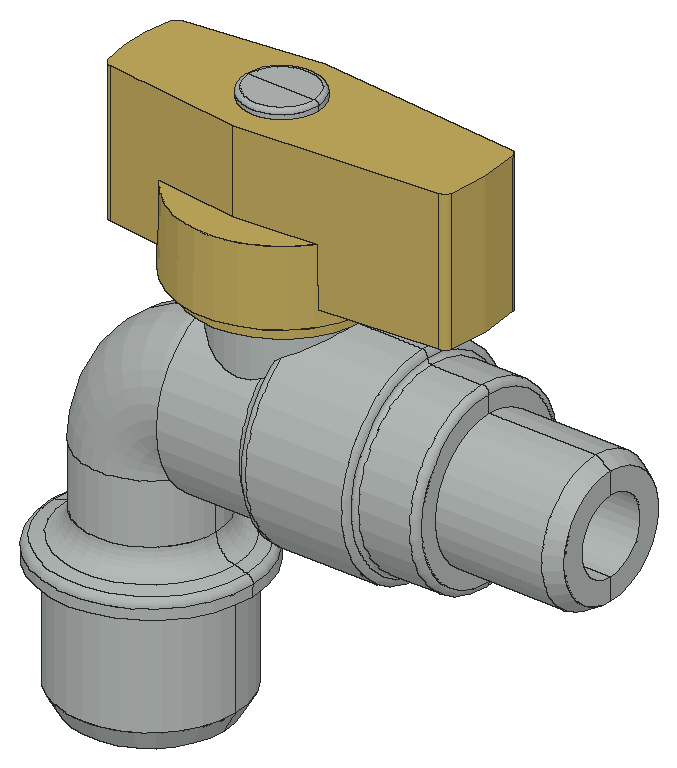
Revit family "QP20200000", category Apparecchi idraulici, Revit 2020
Family settings
  Quota connettore circolare = Usa diametro
  Tipo di parte = Normale
  Numero OmniClass = 23.45.00.00
  Titolo OmniClass = Sanitary, Laundry, and Cleaning Equipment
  Basato su piano di lavoro = No
  Sempre verticale = Sì
  Taglio con vuoti quando caricato = No
  Condiviso = No
  Punto di calcolo locali = No
Parameters
  URL = "https://web.cimberio.com/index.php/figura/116?subcategoria_id=95875"
  Temperatura di esercizio = "-20 ÷ 60°C"
  Prospetto di default = 0 mm
  Produttore = "CIMBERIO SPA"
  Pressione nominale = "MOP 5"
  Modello = "Cim 151"
  Materiale = "Prodotto in lega di ottone conforme alla norma EN 12165-CW617N-DW"
  Descrizione = "Utilizzato nell’impiantistica distributiva di gas a bassa pressione per le categorie:\r\nGas naturali: gas derivati dal petrolio (Metano) e gas di ricambio.\r\nGas di città: prodotti secondo i diversi procedimenti (Cracking - Cokerie - ecc.).\r\nGas liquidi: propano e miscele di gas propano/butano"
  DN Model [instance] = QP20202077 : QP20202077
  DN [instance] = 9 mm
  Commenti sul tipo = "Realizzato in ottemperanza ai requisiti gestionali della norma EN ISO 9001.\r\nCollaudato al 100% secondo la normativa EN 12266-1"
Reference planes
  plane 1 "Centro (Fronte/Retro)": y = 0
  plane 2: z = 0
  plane 3 "Centro (Sinistra/Destra)": x = 0
Dimensions and locks
  aligned and locked: level to plane 2
Nested families
  nested 1: "QP20202077" at (0, 0, 0), type <- "DN Model", type "QP20202077"
  nested 2: "QP20202077" at (0, 0, 0), type <- "DN Model", type "QP20202077"
  nested 3: "QP20202077" at (0, 0, 0), type <- "DN Model", type "QP20202077"
  nested 4: "QP20202077" at (0, 0, 0), type <- "DN Model", type "QP20202077"
  nested 5: "QP20202077" at (0, 0, 0), type <- "DN Model", type "QP20202077"
  nested 6: "QP20202077" at (0, 0, 0), type <- "DN Model", type "QP20202077"
  nested 7: "QP20202077" at (0, 0, 0), type <- "DN Model", type "QP20202077"
Connectors
  piping at (40.291, 0, 0), diameter 9, driven by "DN"
    settings: on nested 1, index 1, connector inside diameter 609.6 mm, connector length 0 mm, flow factor 0, pipe flow 0.0 L/s, pressure drop 0.0 Pa, fitting loss kfactor 0, connector angle 0.00°, fixture units 0, engagement length 0 mm, angle of deflection 0.00°, flow configuration 0, flow direction 0, fitting loss method 0, system type 7, joint type 0, gender type 0, connector reference index -1, connector utility 0, adjustable connector no, is connector primary yes, connector description ""
  piping at (-16, 0, -37.983), diameter 9, driven by "DN"
    settings: on nested 1, index 2, connector inside diameter 609.6 mm, connector length 0 mm, flow factor 0, pipe flow 0.0 L/s, pressure drop 0.0 Pa, fitting loss kfactor 0, connector angle 0.00°, fixture units 0, engagement length 0 mm, angle of deflection 0.00°, flow configuration 0, flow direction 0, fitting loss method 0, system type 7, joint type 0, gender type 0, connector reference index -1, connector utility 0, adjustable connector no, is connector primary no, connector description ""
Definition of nested family "QP20202077"
  Parameters (values of type "QP20202077")
    URL = ""
    Default Elevation = 0 mm
    Manufacturer = ""
    Model = ""
    Description = ""
    Type Comments = ""
  Reference planes
    plane 1 "Centro (Fronte/Retro)": y = 0
    plane 2: z = 0
    plane 3 "Centro (Sinistra/Destra)": x = 0
  Forms (mm)
    Revolve 1, solid
      sketch origin (0.744, 0, 1.406) x (1, 0, 0) y (0, 0, 1)
        loop
          line (11.146, 13.716) -> (10.988, 22.789) -> (-0.448, 22.789) -> (-0.448, 11.85) -> (9.552, 11.85) -> (9.552, 12.795) -> (11.146, 13.716)
        axis (-0.754, 11.85) -> (-0.754, 22.789)
      angle from 0 to 360
    Revolve 2, solid
      sketch origin (0.751, 0, 1.446) x (1, 0, 0) y (0, 0, 1)
        loop
          arc (3.746, 33.15) -> (3.6, 33.504) -> (3.246, 33.65) r 0.5
          line (3.246, 33.65) -> (-0.754, 33.65) -> (-0.754, 31.443) -> (3.746, 31.443) -> (3.746, 33.15)
        axis (-0.754, 33.65) -> (-0.754, 31.443)
      angle from 0 to 360
    Extrusion 3, solid
      sketch origin (1.758, 0, 1.45) x (1, 0, 0) y (0, 1, 0)
        loop
          arc (-19.114, 4.772) -> (-19.758, -0.042) -> (-19.091, -4.852) r 18
          arc (-19.091, -4.852) -> (-18.778, -5.343) -> (-18.244, -5.576) r 1
          line (-18.244, -5.576) -> (-1.755, -7.5) -> (21.908, -5.5)
          arc (21.908, -5.5) -> (22.493, -5.247) -> (22.806, -4.691) r 1
          arc (22.806, -4.691) -> (23.25, 0) -> (22.806, 4.691) r 25
          arc (22.806, 4.691) -> (22.489, 5.25) -> (21.897, 5.501) r 1
          line (21.897, 5.501) -> (-2.38, 7.425) -> (-18.27, 5.5)
          arc (-18.27, 5.5) -> (-18.802, 5.265) -> (-19.114, 4.772) r 1
      from 15.62 to 32.65
    Revolve 4, solid
      sketch origin (1.758, 0, 0) x (1, 0, 0) y (0, 0, 1)
        loop
          line (-0.754, 4.83) -> (7.416, 4.83) -> (7.416, 16.081) -> (-0.754, 16.081) -> (-0.754, 4.83)
        axis (-0.754, 16.081) -> (-0.754, 4.83)
      angle from 0 to 360
    Revolve 5, solid
      sketch origin (0, 0, 0) x (1, 0, 0) y (0, 0, 1)
        loop
          line (18.3, -11.083) -> (24.521, -11.083)
          arc (24.521, -11.083) -> (25.088, -10.848) -> (25.323, -10.281) r 0.802
          line (25.323, -10.281) -> (25.323, -4.5) -> (-6.523, -4.5) -> (-6.523, -10.983) -> (3.557, -10.983)
          arc (3.557, -10.983) -> (4.268, -11.328) -> (4.711, -11.983) r 1.528
          arc (4.711, -11.983) -> (5.077, -12.349) -> (5.577, -12.483) r 1
          line (5.577, -12.483) -> (17.3, -12.483)
          arc (17.3, -12.483) -> (17.636, -12.081) -> (17.8, -11.583) r 1.391
          arc (17.8, -11.583) -> (17.946, -11.229) -> (18.3, -11.083) r 0.5
        axis (-6.523, 0) -> (25.323, 0)
      angle from 0 to 360
    Revolve 6, solid
      sketch origin (0, 0, 0) x (1, 0, 0) y (0, 0, 1)
        loop
          line (-20.5, -21.983) -> (-26.45, -21.983) -> (-26.45, -35.483) -> (-25.007, -37.983) -> (-20.5, -37.983) -> (-20.5, -21.983)
        axis (-16, -37.983) -> (-16, -21.983)
      angle from 0 to 360
    Revolve 7, solid
      sketch origin (0, 0, 0) x (1, 0, 0) y (0, 0, 1)
        loop
          line (-20.5, -16.475) -> (-24, -16.475)
          arc (-24, -16.475) -> (-24.62, -18.302) -> (-26.224, -19.373) r 3
          line (-26.224, -19.373) -> (-27.759, -19.784)
          arc (-27.759, -19.784) -> (-28.293, -20.142) -> (-28.5, -20.75) r 1
          line (-28.5, -20.75) -> (-28.5, -21.983) -> (-20.5, -21.983) -> (-20.5, -16.475)
        axis (-16, -16.475) -> (-16, -21.983)
      angle from 0 to 360
    Sweep 8, solid
      path origin (0, 0, 0) x (1, 0, 0) y (0, 0, 1)
        loop
          arc (-6.523, 0) -> (-13.208, -2.611) -> (-16, -9.222) r 9.226
          line (-16, -9.222) -> (-16, -16.475)
      profile origin (-16, 0, -12.849) x (0, -1, 0) y (1, 0, 0)
        loop
          circle (0, 0) r 8
        loop
          circle (0, 0) r 4.5
    Revolve 9, solid
      sketch origin (0, 0, 0) x (1, 0, 0) y (0, 0, 1)
        loop
          line (25.291, 8.247) -> (25.291, 4.5) -> (40.291, 4.5) -> (40.291, 7.151) -> (38.434, 8.247) -> (25.291, 8.247)
        axis (40.291, 0) -> (25.291, 0)
      angle from 0 to 360
  Dimensions and locks
    aligned and locked: level to plane 2
